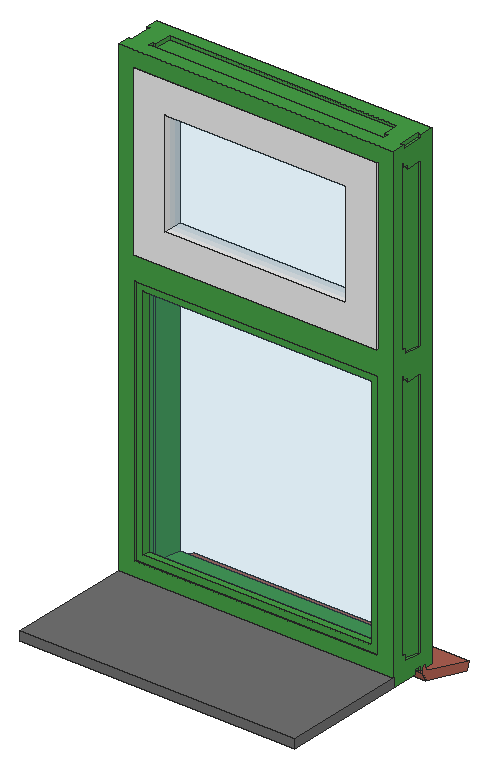
Revit family
Parameters (values of type "31 kozijn A2")
  spouwlatdiepte [instance] = 120 mm
  profiel min sponning = 46 mm
  overstek vensterbank [instance] = 25 mm
  negge = 75 mm
  materiaal vensterbank = Default vensterbank
  materiaal raamprofiel = Default raam
  materiaal raamdorpel = Default raamdorpel
  materiaal profiel = Default glasprofiel
  materiaal glas = Glass
  kalkgroefbreedte [instance] = 50 mm
  diktedraagmuur [instance] = 200 mm
  Materiaal kozijn = Default kozijn
  Height = 1400 mm
  Dikte binnen blad spouwlat [instance] = 100 mm
  Default Sill Height = 800 mm
  Wall Closure = (empty or 0)
  Width = 800 mm
  Assembly Code = ""
Reference planes
  plane 1: y = 0
  plane 2 "Center (Left/Right)": x = 0
  plane 3 "Left": x = -400
  plane 4 "Right": x = 400
  plane 5 "Sill": z = 800
  plane 6 "Head": z = 2200
  plane 7 "Exterior": y = 175
  plane 8 "Interior": y = -175
  plane 9 "Voorzijde kozijn": y = 100
  plane 10: x = -354
  plane 11: x = 354
  plane 12: z = 2154
  plane 13: z = 867
  plane 14 "voorzijde raam": y = 12
  plane 15 "Overstek venterbank": y = -400
  plane 16: z = 1667
  plane 17: z = 1598
  plane 18: y = -375
Forms (mm)
  Sweep 1, void
    path origin (0, 175, 0) x (1, 0, 0) y (0, 0, 1)
      loop
        line (400, 800) -> (-400, 800)
    profile origin (0, 175, 800) x (0, 0, -1) y (0, -1, 0)
      loop
        line (70, 0) -> (70, 125) -> (0, 125) -> (0, 550) -> (-1400, 550) -> (-1400, 0) -> (70, 0)
  Sweep 2, solid, material "Default kozijn" <- "Materiaal kozijn"
    path origin (0, 100, 0) x (-1, 0, 0) y (0, 0, 1)
      loop
        line (-400, 800) -> (-400, 2200)
    profile "31 stijl : 31 stijl" origin (400, 100, 1500) x (1, 0, 0) y (0, 1, 0)
      loop
        line (0, 0) -> (-67, 0) -> (-67, -88) -> (-57, -88) -> (-57, -103) -> (-46, -103) -> (-46, -139) -> (0, -139) -> (0, -109) -> (-9, -109) -> (-9, -39.1) -> (0, -39.1) -> (0, 0)
  Sweep 3, solid, material "Default kozijn" <- "Materiaal kozijn"
    path origin (0, 100, 0) x (-1, 0, 0) y (0, 0, 1)
      loop
        line (400, 2200) -> (400, 800)
    profile "31 stijl : 31 stijl" origin (-400, 100, 1500) x (-1, 0, 0) y (0, 1, 0)
      loop
        line (0, 0) -> (-67, 0) -> (-67, -88) -> (-57, -88) -> (-57, -103) -> (-46, -103) -> (-46, -139) -> (0, -139) -> (0, -109) -> (-9, -109) -> (-9, -39.1) -> (0, -39.1) -> (0, 0)
  Sweep 4, solid, material "Default kozijn" <- "Materiaal kozijn"
    path origin (0, 100, 0) x (-1, 0, 0) y (0, 0, 1)
      loop
        line (-400, 2200) -> (400, 2200)
    profile "31 bovendorpel : 31 bovendorpel" origin (0, 100, 2200) x (0, 0, 1) y (0, 1, 0)
      loop
        line (0, 0) -> (-67, 0) -> (-67, -88) -> (-57, -88) -> (-57, -103) -> (-46, -103) -> (-46, -139) -> (0, -139) -> (0, -103) -> (-9, -103) -> (-9, -39.1) -> (0, -39.1) -> (0, 0)
  Sweep 5, solid, material "Default kozijn" <- "Materiaal kozijn"
    path origin (0, 100, 0) x (-1, 0, 0) y (0, 0, 1)
      loop
        line (-400, 800) -> (400, 800)
    profile "31 onderdorpel : 31 onderdorpel" origin (0, 100, 800) x (0, 0, 1) y (0, 1, 0)
      loop
        line (0, 0) -> (0, -15) -> (12, -18) -> (12, -60) -> (0, -60) -> (0, -139) -> (67, -139) -> (67, -98) -> (53, -98) -> (39.2, 0) -> (0, 0)
  Sweep 6, solid, material "Default vensterbank" <- "materiaal vensterbank"
    path origin (-2113.863, 100, 1000) x (-1, 0, 0) y (0, 0, 1)
      loop
        line (-1713.863, -200) -> (-2513.863, -200)
    profile origin (0, 100, 800) x (0, 0, -1) y (0, 1, 0)
      loop
        line (0, -139) -> (-25, -139) -> (-25, -500) -> (0, -500) -> (0, -139)
  Sweep 7, solid, material "Default kozijn" <- "Materiaal kozijn"
    path origin (-2113.863, 100, 1000) x (-1, 0, 0) y (0, 0, 1)
      loop
        line (-2513.863, 667) -> (-1713.863, 667)
    profile "31 kalf : 31 kalf" origin (0, 100, 1667) x (0, 0, 1) y (0, 1, 0)
      loop
        line (-90, 0) -> (-90, -88) -> (-80, -88) -> (-80, -103) -> (-69, -103) -> (-69, -139) -> (0, -139) -> (0, -98) -> (-14, -98) -> (-27.8, 0) -> (-90, 0)
  Sweep 8, solid, material "Default kozijn" <- "Materiaal kozijn"
    path origin (0, 100, 0) x (-1, 0, 0) y (0, 0, 1)
      loop
        line (-354, 867) -> (354, 867) -> (354, 1598) -> (-354, 1598) -> (-354, 867)
    profile origin (354, 100, 1232.5) x (1, 0, 0) y (0, 1, 0)
      loop
        line (0, -116) -> (-21, -116) -> (-21, -136) -> (0, -136) -> (0, -116)
Cuts and joins
  joined: Sweep 2, Sweep 3, Sweep 4, Sweep 5, Sweep 7
Lines and regions (mm)
  symbolic lines, style "WindowsOpeningProjection", detail levels coarse
    curve 1: line (400, -175, 2200) -> (-400, -175, 800)
    curve 2: line (400, -175, 800) -> (-400, -175, 2200)
Text (mm)
  text "EXTERIOR" at (-1963.203, 1332.353, 0), in view "Ref. Level"
  text "INTERIOR" at (-1981.466, -818.386, 0), in view "Ref. Level"
  text "Exterior" at (0, 923.751, 2943.296), in view "Right"
  text "Exterior" at (0, 1040.484, 2685.409), in view "Left"
Dimensions and locks
  equal spacing: plane 3 "Left", plane 2 "Center (Left/Right)", plane 4 "Right"
  "Width": plane 3 "Left" to plane 4 "Right"
  "Height": plane 5 "Sill" to plane 6 "Head"
  "Default Sill Height": plane 5 "Sill" to level
  locked: plane 7 "Exterior" to host wall at 0
  locked: plane 8 "Interior" to host wall
  "negge": host wall to plane 9 "Voorzijde kozijn"
  locked: plane 9 "Voorzijde kozijn" to Sweep 1 sketch curve at 50
  locked: Sweep 1 sketch curve to Sweep 1 sketch curve at 70
  "profiel min sponning": plane 3 "Left" to plane 10
  "profiel min sponning": plane 11 to plane 4 "Right"
  "profiel min sponning": plane 6 "Head" to plane 12
  locked: plane 5 "Sill" to plane 13 at 67
  locked: plane 9 "Voorzijde kozijn" to plane 14 "voorzijde raam" at 88
  locked: plane 3 "Left" to nested 2 at 9
  "Dikte binnen blad spouwlat": host wall to nested 2
  locked: nested 3 to plane 4 "Right" at 9
  "Dikte binnen blad spouwlat": host wall to nested 3
  locked: plane 9 "Voorzijde kozijn" to nested 1 at 33.928
  locked: plane 5 "Sill" to nested 1 at 8.776
  locked: plane 16 to plane 17 at 69
  locked: plane 9 "Voorzijde kozijn" to nested 5 at 88
  "diktedraagmuur": plane 8 "Interior" to plane 18
  "overstek vensterbank": plane 18 to plane 15 "Overstek venterbank"
  aligned and locked: plane 4 "Right" to Sweep 1 sketch curve
  aligned and locked: plane 3 "Left" to Sweep 1 sketch curve
  aligned and locked: plane 5 "Sill" to Sweep 1 sketch curve
  aligned and locked: Sweep 1 sketch curve to host wall
  aligned and locked: plane 6 "Head" to Sweep 1 sketch curve
  aligned and locked: Sweep 1 sketch curve to plane 5 "Sill"
  aligned and locked: plane 6 "Head" to Sweep 2 sketch curve
  aligned and locked: plane 5 "Sill" to Sweep 2 sketch curve
  aligned and locked: plane 4 "Right" to Sweep 2 sketch curve
  aligned and locked: plane 6 "Head" to Sweep 3 sketch curve
  aligned and locked: plane 5 "Sill" to Sweep 3 sketch curve
  aligned and locked: Sweep 3 sketch curve to plane 3 "Left"
  aligned and locked: plane 4 "Right" to Sweep 4 sketch curve
  aligned and locked: plane 3 "Left" to Sweep 4 sketch curve
  aligned and locked: plane 6 "Head" to Sweep 4 sketch curve
  aligned and locked: plane 4 "Right" to Sweep 5 sketch curve
  aligned and locked: plane 3 "Left" to Sweep 5 sketch curve
  aligned and locked: plane 5 "Sill" to Sweep 5 sketch curve
  aligned and locked: plane 3 "Left" to Sweep 6 sketch curve
  aligned and locked: plane 5 "Sill" to Sweep 6 sketch curve
  aligned and locked: plane 15 "Overstek venterbank" to Sweep 6 sketch curve
  aligned and locked: Sweep 6 sketch curve to cut or joined group of Sweep 2, Sweep 3, Sweep 4, Sweep 5, Sweep 7
  aligned and locked: nested 1 to plane 4 "Right"
  aligned and locked: nested 1 to plane 3 "Left"
  aligned and locked: plane 10 to nested 4
  aligned and locked: plane 11 to nested 4
  aligned and locked: plane 14 "voorzijde raam" to nested 4
  aligned and locked: plane 4 "Right" to Sweep 7 sketch curve
  aligned and locked: plane 3 "Left" to Sweep 7 sketch curve
  aligned and locked: Sweep 7 sketch curve to plane 16
  aligned and locked: plane 10 to nested 5
  aligned and locked: nested 5 to plane 11
  aligned: plane 17 to nested 5
  aligned: plane 13 to nested 5
  aligned and locked: Sweep 8 sketch curve to plane 17
  aligned and locked: plane 11 to Sweep 8 sketch curve
  aligned and locked: Sweep 8 sketch curve to plane 10
  aligned and locked: plane 13 to Sweep 8 sketch curve
  aligned and locked: plane 16 to nested 4
  aligned and locked: plane 12 to nested 4
  aligned and locked: plane 13 to nested 5
  aligned and locked: plane 17 to nested 5
  aligned and locked: plane 18 to Sweep 1 sketch curve
Automatic sketch dimensions
  Sweep 6 sketch curve to plane 4 "Right" = 0 mm
  Sweep 6 sketch curve to profile plane = 0 mm
  profile plane to Sweep 6 sketch curve = 25 mm
  Sweep 8 sketch curve to profile plane = 0 mm
  profile plane to Sweep 8 sketch curve = 21 mm
  Sweep 8 sketch curve to plane 9 "Voorzijde kozijn" = 136 mm
  Sweep 8 sketch curve to Sweep 8 sketch curve = 20 mm
  plane 3 "Left" to curve 1 = 0 mm
  plane 3 "Left" to curve 2 = 0 mm
  plane 4 "Right" to curve 2 = 0 mm
  plane 4 "Right" to curve 1 = 0 mm
  curve 1 to plane 5 "Sill" = 0 mm
  curve 2 to plane 5 "Sill" = 0 mm
  curve 2 to plane 6 "Head" = 0 mm
  curve 1 to plane 6 "Head" = 0 mm
Nested families
  nested 1: "raamdorpel150" at (50, 90, 788.776) x (-1, 0, 0) z (0, 0, 1), type "raamdorpel150"
    with lengte 800 mm, diepte 150 mm, Raamdorpelhoek 15.00°
  nested 2: "31 spouwlat" at (-391, 45, 0), type "31 spouwlat"
  nested 3: "31 spouwlat" at (391, 45, 0) x (-1, 0, 0) z (0, 0, 1), type "31 spouwlat"
  nested 4: "31 raam binnen" at (-220, 3.816, 0), type "31 raam binnen"
    with hoogte 487 mm, breedte 708 mm, borstweringhoogte 160 mm
  nested 5: "31 glasdubbel" at (-55.695, 45.092, -800), type "31 glasdubbel"
    with hoogte 731 mm, breedte 708 mm
Definition of nested family "raamdorpel150"
  Parameters (values of type "raamdorpel150")
    materiaal raamdorpel = Default raamdorpel
    lengte [instance] = 800 mm
    diepte [instance] = 150 mm
    Width = 920 mm
    Rough Height = 920 mm
    Raamdorpelhoek [instance] = 15.00°
    Height = 920 mm
    Assembly Code = ""
  Reference planes
    plane 1 "Center (Front/Back)": y = 0
    plane 2: z = 0
    plane 3 "Center (Left/Right)": x = 50
    plane 4: x = -350
    plane 5: x = 450
  Forms (mm)
    Extrusion 1, solid, material "Default raamdorpel" <- "materiaal raamdorpel"
      sketch origin (50, 0, 0) x (0, 0.965926, 0.258819) y (0, -0.258819, 0.965926)
        loop
          line (-150, -25) -> (6.506, -25) -> (23.501, -4.747) -> (28.29, 13.125) -> (18.63, 15.714) -> (17.955, 13.193)
          arc (17.955, 13.193) -> (11.14, 3.653) -> (0, 0) r 18.814
          line (0, 0) -> (-150, 0) -> (-150, -25)
      from -400 to 400
  Lines and regions (mm)
    reference lines
      curve 1: line (50, 0, 0) -> (50, 656.83, 175.997)
      curve 2: line (50, 0, 0) -> (50, -138.468, 516.77)
      curve 3: line (50, -138.418, -62.971) -> (50, -283.357, 477.947)
  Dimensions and locks
    equal spacing: plane 4, plane 3 "Center (Left/Right)", plane 5
    "lengte": plane 4 to plane 5
    "diepte": curve 2 to curve 3
    "Raamdorpelhoek": angle plane 2 to curve 1
    locked: curve 1 to curve 2 (angle 90.00°)
    locked: curve 1 to curve 3 (angle 90.00°)
    aligned and locked: Extrusion 1 to curve 3
    aligned and locked: plane 4 to Extrusion 1
    aligned and locked: Extrusion 1 to plane 5
  Automatic sketch dimensions
    Extrusion 1 sketch curve to curve 1 = 0 mm  (x2)
    curve 1 to Extrusion 1 sketch curve = 18.814 mm
    curve 1 to Extrusion 1 sketch curve = 25 mm
    Extrusion 1 sketch curve to curve 1 = 150 mm
    curve 1 to Extrusion 1 sketch curve = 6.506 mm
    Extrusion 1 sketch curve to curve 1 = 13.193 mm
    Extrusion 1 sketch curve to Extrusion 1 sketch curve = 0.676 mm
    curve 1 to Extrusion 1 sketch curve = 4.747 mm
    Extrusion 1 sketch curve to Extrusion 1 sketch curve = 5.546 mm
    Extrusion 1 sketch curve to curve 1 = 13.125 mm
    curve 1 to level = 0 mm
    curve 1 to plane 1 "Center (Front/Back)" = 0 mm
    curve 2 to curve 1 = 0 mm  (x2)
    curve 1 to curve 3 = 25 mm
Definition of nested family "31 raam binnen"
  Parameters (values of type "31 raam binnen")
    sponningmaat = 72 mm
    raamprofiel = Default raam
    hoogte [instance] = 1000 mm
    glas = Glass
    dikte = 54 mm
    breedte [instance] = 800 mm
    borstweringhoogte [instance] = 160 mm
    Sponingmaat_plattegrond = 15 mm
    Assembly Code = ""
  Reference planes
    plane 1 "Center (Front/Back)": y = -18.816
    plane 2 "onder": z = 1667
    plane 3 "Center (Left/Right)": x = 220
    plane 4 "boven": z = 2667
    plane 5 "links": x = -180
    plane 6 "rechts": x = 620
    plane 7 "midden": z = 2167
    plane 8 "achter": y = 8.184
    plane 9 "voor": y = -45.816
    plane 10: x = 548
    plane 11: x = -108
    plane 12: z = 2595
    plane 13: z = 1739
    plane 14: y = -30.816
  Forms (mm)
    Sweep 1, solid, material "Default raam" <- "raamprofiel", detail levels medium+fine
      path origin (-582.408, 8.184, 1560) x (-1, 0, 0) y (0, 0, 1)
        loop
          line (-402.408, 107) -> (-402.408, 1107) -> (-1202.408, 1107) -> (-1202.408, 107) -> (-402.408, 107)
      profile "31 raam stijl : 31 raam stijl" origin (-180, 8.184, 2167) x (1, 0, 0) y (0, 1, 0)
        loop
          line (0, -17) -> (0, -54) -> (90, -54) -> (90, 0) -> (12, 0) -> (12, -17) -> (0, -17)
  Dimensions and locks
    equal spacing: plane 5 "links", plane 3 "Center (Left/Right)", plane 6 "rechts"
    "breedte": plane 5 "links" to plane 6 "rechts"
    "hoogte": plane 4 "boven" to plane 2 "onder"
    equal spacing: plane 4 "boven", plane 7 "midden", plane 2 "onder"
    equal spacing: plane 8 "achter", plane 1 "Center (Front/Back)", plane 9 "voor"
    "dikte": plane 8 "achter" to plane 9 "voor"
    "sponningmaat": plane 12 to plane 4 "boven"
    "sponningmaat": plane 2 "onder" to plane 13
    "sponningmaat": plane 10 to plane 6 "rechts"
    "sponningmaat": plane 11 to plane 5 "links"
    "Sponingmaat_plattegrond": plane 14 to plane 9 "voor"
    plane 2 "onder" to level = 1667 mm
    aligned and locked: plane 8 "achter" to nested 1
    aligned and locked: plane 9 "voor" to nested 1
    aligned and locked: plane 5 "links" to nested 1
    aligned and locked: plane 6 "rechts" to nested 1
    aligned and locked: plane 4 "boven" to nested 1
    aligned and locked: plane 2 "onder" to nested 1
    aligned and locked: Sweep 1 sketch curve to plane 4 "boven"
    aligned and locked: plane 2 "onder" to Sweep 1 sketch curve
    aligned and locked: Sweep 1 sketch curve to plane 5 "links"
    aligned and locked: Sweep 1 sketch curve to plane 6 "rechts"
    aligned and locked: nested 2 to plane 11
    aligned and locked: plane 10 to nested 2
    aligned and locked: plane 14 to nested 2
    aligned and locked: plane 12 to nested 2
    aligned and locked: plane 13 to nested 2
  Nested families
    nested 1: "31 raam draairichting binnen" at (0, 0, 1547), type "31 raam draairichting binnen"
      with hoogte 1000 mm, draaizijde rechts no, draaizijde onder no, draaizijde links yes, draaizijde boven no, dikte 54 mm, breedte 800 mm, borstweringhoogte 160 mm
    nested 2: "31 glasdubbel" at (164.305, 30.276, 72), type "31 glasdubbel"
      with hoogte 856 mm, breedte 656 mm
  Definition of nested family "31 glasdubbel"
    Parameters (values of type "31 glasdubbel")
      plaatsingsmarge = 3 mm
      materiaal glas = Glass
      hoogte [instance] = 920 mm
      glasdikte voorzijde = 8 mm
      glasdikte achterzijde = 5 mm
      dikte = 22 mm
      breedte [instance] = 1000 mm
      Width = 1000 mm
      Rough Height = 156.4 mm
      Height = 920 mm
      Assembly Code = ""
    Reference planes
      plane 1 "Center (Front/Back)": y = -47.092
      plane 2: z = 0
      plane 3 "Center (Left/Right)": x = 55.695
      plane 4 "onderzijde glas": z = 1670
      plane 5 "Bovenzijde glas": z = 2584
      plane 6 "rechterzijde glas": x = 552.695
      plane 7 "Linkerzijdeglas": x = -441.305
      plane 8 "Voorzijde glas": y = -58.092
      plane 9 "Achterzijde glas": y = -36.092
      plane 10 "links": x = -444.305
      plane 11 "rechts": x = 555.695
      plane 12 "achter": y = -33.092
      plane 13 "voorzijde": y = -61.092
      plane 14 "bovenzijde": z = 2587
      plane 15 "onderzijde": z = 1667
    Forms (mm)
      Extrusion 1, solid, material "Glass" <- "materiaal glas", detail levels fine
        sketch origin (0, 0, 1670) x (1, 0, 0) y (0, 1, 0)
          loop
            line (-441.305, -58.092) -> (552.695, -58.092) -> (552.695, -50.092) -> (-441.305, -50.092) -> (-441.305, -58.092)
        from 0 to 914
      Extrusion 2, solid, material "Glass" <- "materiaal glas", detail levels fine
        sketch origin (0, 280, 1670) x (1, 0, 0) y (0, 1, 0)
          loop
            line (-441.305, -321.092) -> (552.695, -321.092) -> (552.695, -316.092) -> (-441.305, -316.092) -> (-441.305, -321.092)
        from 0 to 914
      Extrusion 3, solid, material "Glass" <- "materiaal glas", detail levels coarse+medium
        sketch origin (0, -425.801, 1670) x (1, 0, 0) y (0, 1, 0)
          loop
            line (-441.305, 367.71) -> (552.695, 367.71) -> (552.695, 389.71) -> (-441.305, 389.71) -> (-441.305, 367.71)
        from 0 to 914
    Lines and regions (mm)
      symbolic lines, detail levels medium
        curve 1: line (-441.305, -47.092, 0) -> (-441.305, -36.092, 0)
        curve 2: line (552.695, -36.092, 0) -> (552.695, -47.092, 0)
      symbolic lines, detail levels coarse
        curve 3: line (552.695, -47.092, 0) -> (-441.305, -47.092, 0)
      symbolic lines, detail levels fine
        curve 4: line (-441.305, -50.092, 0) -> (-441.305, -41.092, 0)
        curve 5: line (-429.305, -50.092, 0) -> (-429.305, -41.092, 0)
        curve 6: line (552.695, -47.092, 0) -> (552.695, -36.092, 0)
        curve 7: line (540.695, -50.092, 0) -> (540.695, -41.092, 0)
      symbolic lines, style "WindowsGlassProjection", detail levels coarse+medium
        curve 8: line (-441.305, -47.092, 1670) -> (-441.305, -47.092, 2584)
        curve 9: line (-441.305, -47.092, 2584) -> (552.695, -47.092, 2584)
        curve 10: line (552.695, -47.092, 2584) -> (552.695, -47.092, 1670)
        curve 11: line (552.695, -47.092, 1670) -> (-441.305, -47.092, 1670)
      symbolic lines, detail levels coarse+medium
        curve 12: line (55.695, -36.092, 1670) -> (55.695, -36.092, 2584)
        curve 13: line (55.695, -36.092, 2584) -> (55.695, -58.092, 2584)
        curve 14: line (55.695, -58.092, 2584) -> (55.695, -58.092, 1670)
        curve 15: line (55.695, -58.092, 1670) -> (55.695, -36.092, 1670)
    Dimensions and locks
      equal spacing: plane 7 "Linkerzijdeglas", plane 3 "Center (Left/Right)", plane 6 "rechterzijde glas"
      equal spacing: plane 9 "Achterzijde glas", plane 1 "Center (Front/Back)", plane 8 "Voorzijde glas"
      "dikte": plane 9 "Achterzijde glas" to plane 8 "Voorzijde glas"
      "glasdikte voorzijde": Extrusion 1 sketch curve to Extrusion 1 sketch curve
      "plaatsingsmarge": plane 12 "achter" to plane 9 "Achterzijde glas"
      "plaatsingsmarge": plane 10 "links" to plane 7 "Linkerzijdeglas"
      "plaatsingsmarge": plane 6 "rechterzijde glas" to plane 11 "rechts"
      "plaatsingsmarge": plane 8 "Voorzijde glas" to plane 13 "voorzijde"
      "glasdikte achterzijde": Extrusion 2 sketch curve to Extrusion 2 sketch curve
      "plaatsingsmarge": plane 15 "onderzijde" to plane 4 "onderzijde glas"
      "plaatsingsmarge": plane 5 "Bovenzijde glas" to plane 14 "bovenzijde"
      plane 7 "Linkerzijdeglas" to curve 5 = 12 mm
      curve 7 to plane 6 "rechterzijde glas" = 12 mm
      "hoogte": plane 14 "bovenzijde" to plane 15 "onderzijde"
      "breedte": plane 10 "links" to plane 11 "rechts"
      level to plane 15 "onderzijde" = 1667 mm
      aligned and locked: Extrusion 1 to plane 8 "Voorzijde glas"
      aligned and locked: plane 7 "Linkerzijdeglas" to Extrusion 1
      aligned and locked: Extrusion 1 to plane 6 "rechterzijde glas"
      aligned and locked: plane 5 "Bovenzijde glas" to Extrusion 1
      aligned and locked: Extrusion 1 to plane 4 "onderzijde glas"
      aligned and locked: curve 1 to plane 7 "Linkerzijdeglas"
      aligned and locked: plane 6 "rechterzijde glas" to curve 2
      aligned and locked: plane 9 "Achterzijde glas" to Extrusion 2
      aligned and locked: plane 5 "Bovenzijde glas" to Extrusion 2
      aligned and locked: Extrusion 2 to plane 4 "onderzijde glas"
      aligned and locked: Extrusion 2 to plane 6 "rechterzijde glas"
      aligned and locked: plane 7 "Linkerzijdeglas" to Extrusion 2
      aligned and locked: curve 4 to Extrusion 2
      aligned and locked: Extrusion 1 to curve 4
      aligned and locked: curve 4 to plane 7 "Linkerzijdeglas"
      aligned and locked: Extrusion 2 to curve 5
      aligned and locked: Extrusion 1 to curve 5
      aligned and locked: plane 9 "Achterzijde glas" to curve 6
      aligned and locked: curve 6 to plane 6 "rechterzijde glas"
      aligned and locked: Extrusion 2 to curve 7
      aligned and locked: Extrusion 1 to curve 7
      aligned and locked: curve 8 to plane 7 "Linkerzijdeglas"
      aligned and locked: plane 4 "onderzijde glas" to curve 11
      aligned and locked: curve 10 to plane 6 "rechterzijde glas"
      aligned and locked: curve 9 to plane 5 "Bovenzijde glas"
      aligned and locked: curve 13 to plane 5 "Bovenzijde glas"
      aligned and locked: plane 4 "onderzijde glas" to curve 15
      aligned and locked: curve 12 to plane 9 "Achterzijde glas"
      aligned and locked: curve 14 to plane 8 "Voorzijde glas"
      aligned and locked: curve 3 to plane 1 "Center (Front/Back)"
      aligned and locked: plane 7 "Linkerzijdeglas" to Extrusion 3
      aligned and locked: Extrusion 3 to plane 6 "rechterzijde glas"
      aligned and locked: Extrusion 3 to plane 4 "onderzijde glas"
      aligned and locked: plane 5 "Bovenzijde glas" to Extrusion 3
      aligned and locked: plane 9 "Achterzijde glas" to Extrusion 3
      aligned and locked: Extrusion 3 to plane 8 "Voorzijde glas"
    Automatic sketch dimensions
      curve 1 to plane 9 "Achterzijde glas" = 0 mm
      Extrusion 1 sketch curve to plane 7 "Linkerzijdeglas" = 0 mm
      Extrusion 1 sketch curve to plane 6 "rechterzijde glas" = 0 mm
      Extrusion 1 sketch curve to plane 8 "Voorzijde glas" = 0 mm
      Extrusion 2 sketch curve to plane 7 "Linkerzijdeglas" = 0 mm
      Extrusion 2 sketch curve to plane 6 "rechterzijde glas" = 0 mm
      Extrusion 2 sketch curve to plane 9 "Achterzijde glas" = 0 mm
      Extrusion 3 sketch curve to plane 7 "Linkerzijdeglas" = 0 mm
      Extrusion 3 sketch curve to plane 6 "rechterzijde glas" = 0 mm
      plane 13 "voorzijde" to Extrusion 3 sketch curve = 3 mm
      Extrusion 3 sketch curve to Extrusion 3 sketch curve = 22 mm
  Definition of nested family "31 raam draairichting binnen"
    Parameters (values of type "31 raam draairichting binnen")
      hoogte [instance] = 1000 mm
      draaizijde rechts [instance] = yes
      draaizijde onder [instance] = no
      draaizijde links [instance] = no
      draaizijde boven [instance] = no
      dikte [instance] = 250 mm
      breedte [instance] = 800 mm
      borstweringhoogte [instance] = 160 mm
      Assembly Code = ""
    Reference planes
      plane 1 "Center (Front/Back)": y = -18.816
      plane 2 "onder": z = 120
      plane 3 "Center (Left/Right)": x = 220
      plane 4 "boven": z = 1120
      plane 5 "links": x = -180
      plane 6 "rechts": x = 620
      plane 7 "midden": z = 620
      plane 8 "achter": y = 106.184
      plane 9 "voor": y = -143.816
    Lines and regions (mm)
      Masking region 1, detail levels coarse
        outline origin (0, 0, 620) x (-1, 0, 0) y (0, -1, 0)
          loop
            line (180, 143.816) -> (-620, 143.816) -> (-620, -106.184) -> (180, -106.184) -> (180, 143.816)
      symbolic lines, style "WindowsFrameMullionProjection", detail levels coarse
        curve 1: line (-180, -143.816, 620) -> (-180, 106.184, 620)
        curve 2: line (-180, 106.184, 620) -> (620, 106.184, 620)
        curve 3: line (620, 106.184, 620) -> (620, -143.816, 620)
        curve 4: line (620, -143.816, 620) -> (-180, -143.816, 620)
      model lines, style "draairichting streeplijn", visible <- "draaizijde rechts", detail levels medium+fine
        curve 5: line (620, 106.184, 1120) -> (-180, 106.184, 620)
        curve 6: line (-180, 106.184, 620) -> (620, 106.184, 120)
      model lines, style "draairichting streeplijn", visible <- "draaizijde links", detail levels medium+fine
        curve 7: line (-180, 106.184, 1120) -> (620, 106.184, 620)
        curve 8: line (620, 106.184, 620) -> (-180, 106.184, 120)
      model lines, style "draairichting streeplijn", visible <- "draaizijde onder", detail levels medium+fine
        curve 9: line (620, 106.184, 120) -> (220, 106.184, 1120)
        curve 10: line (220, 106.184, 1120) -> (-180, 106.184, 120)
      model lines, style "draairichting streeplijn", visible <- "draaizijde boven", detail levels medium+fine
        curve 11: line (-180, 106.184, 1120) -> (220, 106.184, 120)
        curve 12: line (220, 106.184, 120) -> (620, 106.184, 1120)
      model lines, style "draairichting getrokken lijn", visible <- "draaizijde links", detail levels medium+fine
        curve 13: line (-180, -143.816, 1120) -> (620, -143.816, 620)
        curve 14: line (620, -143.816, 620) -> (-180, -143.816, 120)
      model lines, style "draairichting getrokken lijn", visible <- "draaizijde rechts", detail levels medium+fine
        curve 15: line (620, -143.816, 1120) -> (-180, -143.816, 620)
        curve 20: line (-180, -143.816, 620) -> (620, -143.816, 120)
      model lines, style "draairichting getrokken lijn", visible <- "draaizijde onder", detail levels medium+fine
        curve 16: line (-180, -143.816, 120) -> (220, -143.816, 1120)
        curve 17: line (220, -143.816, 1120) -> (620, -143.816, 120)
      model lines, style "draairichting getrokken lijn", visible <- "draaizijde boven", detail levels medium+fine
        curve 18: line (-180, -143.816, 1120) -> (220, -143.816, 120)
        curve 19: line (220, -143.816, 120) -> (620, -143.816, 1120)
    Dimensions and locks
      equal spacing: plane 5 "links", plane 3 "Center (Left/Right)", plane 6 "rechts"
      "breedte": plane 5 "links" to plane 6 "rechts"
      "hoogte": plane 4 "boven" to plane 2 "onder"
      equal spacing: plane 4 "boven", plane 7 "midden", plane 2 "onder"
      equal spacing: plane 8 "achter", plane 1 "Center (Front/Back)", plane 9 "voor"
      "dikte": plane 8 "achter" to plane 9 "voor"
      aligned and locked: Masking region 1 sketch curve to plane 8 "achter"
      aligned and locked: plane 9 "voor" to Masking region 1 sketch curve
      aligned and locked: plane 6 "rechts" to Masking region 1 sketch curve
      aligned and locked: Masking region 1 sketch curve to plane 5 "links"
      aligned and locked: curve 2 to plane 8 "achter"
      aligned and locked: plane 9 "voor" to curve 4
      aligned and locked: curve 1 to plane 5 "links"
      aligned and locked: plane 6 "rechts" to curve 3
    Automatic sketch dimensions
      curve 14 to plane 6 "rechts" = 0 mm
      curve 15 to plane 4 "boven" = 0 mm
      curve 15 to plane 6 "rechts" = 0 mm
      curve 17 to plane 2 "onder" = 0 mm
      curve 17 to plane 6 "rechts" = 0 mm
      curve 17 to plane 3 "Center (Left/Right)" = 0 mm
      curve 19 to plane 3 "Center (Left/Right)" = 0 mm
      curve 18 to plane 2 "onder" = 0 mm
      curve 16 to plane 2 "onder" = 0 mm
      curve 15 to plane 5 "links" = 0 mm
      curve 14 to plane 5 "links" = 0 mm
      curve 13 to plane 4 "boven" = 0 mm
      curve 18 to plane 5 "links" = 0 mm
      curve 13 to plane 7 "midden" = 0 mm
      curve 15 to plane 7 "midden" = 0 mm
      curve 17 to plane 4 "boven" = 0 mm
      curve 5 to plane 6 "rechts" = 0 mm
      curve 9 to plane 2 "onder" = 0 mm
      curve 9 to plane 6 "rechts" = 0 mm
      curve 7 to plane 6 "rechts" = 0 mm
      curve 12 to plane 4 "boven" = 0 mm
      curve 12 to plane 2 "onder" = 0 mm
      curve 12 to plane 3 "Center (Left/Right)" = 0 mm
      curve 10 to plane 3 "Center (Left/Right)" = 0 mm
      curve 10 to plane 5 "links" = 0 mm
      curve 8 to plane 2 "onder" = 0 mm
      curve 6 to plane 5 "links" = 0 mm
      curve 7 to plane 4 "boven" = 0 mm
      curve 7 to plane 5 "links" = 0 mm
      curve 5 to plane 7 "midden" = 0 mm
      curve 7 to plane 7 "midden" = 0 mm
      curve 9 to plane 4 "boven" = 0 mm
Definition of nested family "31 glasdubbel"
  Parameters (values of type "31 glasdubbel")
    plaatsingsmarge = 3 mm
    materiaal glas = Glass
    hoogte [instance] = 920 mm
    glasdikte voorzijde = 8 mm
    glasdikte achterzijde = 5 mm
    dikte = 22 mm
    breedte [instance] = 1000 mm
    Width = 1000 mm
    Rough Height = 156.4 mm
    Height = 920 mm
    Assembly Code = ""
  Reference planes
    plane 1 "Center (Front/Back)": y = -47.092
    plane 2: z = 0
    plane 3 "Center (Left/Right)": x = 55.695
    plane 4 "onderzijde glas": z = 1670
    plane 5 "Bovenzijde glas": z = 2584
    plane 6 "rechterzijde glas": x = 552.695
    plane 7 "Linkerzijdeglas": x = -441.305
    plane 8 "Voorzijde glas": y = -58.092
    plane 9 "Achterzijde glas": y = -36.092
    plane 10 "links": x = -444.305
    plane 11 "rechts": x = 555.695
    plane 12 "achter": y = -33.092
    plane 13 "voorzijde": y = -61.092
    plane 14 "bovenzijde": z = 2587
    plane 15 "onderzijde": z = 1667
  Forms (mm)
    Extrusion 1, solid, material "Glass" <- "materiaal glas", detail levels fine
      sketch origin (0, 0, 1670) x (1, 0, 0) y (0, 1, 0)
        loop
          line (-441.305, -58.092) -> (552.695, -58.092) -> (552.695, -50.092) -> (-441.305, -50.092) -> (-441.305, -58.092)
      from 0 to 914
    Extrusion 2, solid, material "Glass" <- "materiaal glas", detail levels fine
      sketch origin (0, 280, 1670) x (1, 0, 0) y (0, 1, 0)
        loop
          line (-441.305, -321.092) -> (552.695, -321.092) -> (552.695, -316.092) -> (-441.305, -316.092) -> (-441.305, -321.092)
      from 0 to 914
    Extrusion 3, solid, material "Glass" <- "materiaal glas", detail levels coarse+medium
      sketch origin (0, -425.801, 1670) x (1, 0, 0) y (0, 1, 0)
        loop
          line (-441.305, 367.71) -> (552.695, 367.71) -> (552.695, 389.71) -> (-441.305, 389.71) -> (-441.305, 367.71)
      from 0 to 914
  Lines and regions (mm)
    symbolic lines, detail levels medium
      curve 1: line (-441.305, -47.092, 0) -> (-441.305, -36.092, 0)
      curve 2: line (552.695, -36.092, 0) -> (552.695, -47.092, 0)
    symbolic lines, detail levels coarse
      curve 3: line (552.695, -47.092, 0) -> (-441.305, -47.092, 0)
    symbolic lines, detail levels fine
      curve 4: line (-441.305, -50.092, 0) -> (-441.305, -41.092, 0)
      curve 5: line (-429.305, -50.092, 0) -> (-429.305, -41.092, 0)
      curve 6: line (552.695, -47.092, 0) -> (552.695, -36.092, 0)
      curve 7: line (540.695, -50.092, 0) -> (540.695, -41.092, 0)
    symbolic lines, style "WindowsGlassProjection", detail levels coarse+medium
      curve 8: line (-441.305, -47.092, 1670) -> (-441.305, -47.092, 2584)
      curve 9: line (-441.305, -47.092, 2584) -> (552.695, -47.092, 2584)
      curve 10: line (552.695, -47.092, 2584) -> (552.695, -47.092, 1670)
      curve 11: line (552.695, -47.092, 1670) -> (-441.305, -47.092, 1670)
    symbolic lines, detail levels coarse+medium
      curve 12: line (55.695, -36.092, 1670) -> (55.695, -36.092, 2584)
      curve 13: line (55.695, -36.092, 2584) -> (55.695, -58.092, 2584)
      curve 14: line (55.695, -58.092, 2584) -> (55.695, -58.092, 1670)
      curve 15: line (55.695, -58.092, 1670) -> (55.695, -36.092, 1670)
  Dimensions and locks
    equal spacing: plane 7 "Linkerzijdeglas", plane 3 "Center (Left/Right)", plane 6 "rechterzijde glas"
    equal spacing: plane 9 "Achterzijde glas", plane 1 "Center (Front/Back)", plane 8 "Voorzijde glas"
    "dikte": plane 9 "Achterzijde glas" to plane 8 "Voorzijde glas"
    "glasdikte voorzijde": Extrusion 1 sketch curve to Extrusion 1 sketch curve
    "plaatsingsmarge": plane 12 "achter" to plane 9 "Achterzijde glas"
    "plaatsingsmarge": plane 10 "links" to plane 7 "Linkerzijdeglas"
    "plaatsingsmarge": plane 6 "rechterzijde glas" to plane 11 "rechts"
    "plaatsingsmarge": plane 8 "Voorzijde glas" to plane 13 "voorzijde"
    "glasdikte achterzijde": Extrusion 2 sketch curve to Extrusion 2 sketch curve
    "plaatsingsmarge": plane 15 "onderzijde" to plane 4 "onderzijde glas"
    "plaatsingsmarge": plane 5 "Bovenzijde glas" to plane 14 "bovenzijde"
    plane 7 "Linkerzijdeglas" to curve 5 = 12 mm
    curve 7 to plane 6 "rechterzijde glas" = 12 mm
    "hoogte": plane 14 "bovenzijde" to plane 15 "onderzijde"
    "breedte": plane 10 "links" to plane 11 "rechts"
    level to plane 15 "onderzijde" = 1667 mm
    aligned and locked: Extrusion 1 to plane 8 "Voorzijde glas"
    aligned and locked: plane 7 "Linkerzijdeglas" to Extrusion 1
    aligned and locked: Extrusion 1 to plane 6 "rechterzijde glas"
    aligned and locked: plane 5 "Bovenzijde glas" to Extrusion 1
    aligned and locked: Extrusion 1 to plane 4 "onderzijde glas"
    aligned and locked: curve 1 to plane 7 "Linkerzijdeglas"
    aligned and locked: plane 6 "rechterzijde glas" to curve 2
    aligned and locked: plane 9 "Achterzijde glas" to Extrusion 2
    aligned and locked: plane 5 "Bovenzijde glas" to Extrusion 2
    aligned and locked: Extrusion 2 to plane 4 "onderzijde glas"
    aligned and locked: Extrusion 2 to plane 6 "rechterzijde glas"
    aligned and locked: plane 7 "Linkerzijdeglas" to Extrusion 2
    aligned and locked: curve 4 to Extrusion 2
    aligned and locked: Extrusion 1 to curve 4
    aligned and locked: curve 4 to plane 7 "Linkerzijdeglas"
    aligned and locked: Extrusion 2 to curve 5
    aligned and locked: Extrusion 1 to curve 5
    aligned and locked: plane 9 "Achterzijde glas" to curve 6
    aligned and locked: curve 6 to plane 6 "rechterzijde glas"
    aligned and locked: Extrusion 2 to curve 7
    aligned and locked: Extrusion 1 to curve 7
    aligned and locked: curve 8 to plane 7 "Linkerzijdeglas"
    aligned and locked: plane 4 "onderzijde glas" to curve 11
    aligned and locked: curve 10 to plane 6 "rechterzijde glas"
    aligned and locked: curve 9 to plane 5 "Bovenzijde glas"
    aligned and locked: curve 13 to plane 5 "Bovenzijde glas"
    aligned and locked: plane 4 "onderzijde glas" to curve 15
    aligned and locked: curve 12 to plane 9 "Achterzijde glas"
    aligned and locked: curve 14 to plane 8 "Voorzijde glas"
    aligned and locked: curve 3 to plane 1 "Center (Front/Back)"
    aligned and locked: plane 7 "Linkerzijdeglas" to Extrusion 3
    aligned and locked: Extrusion 3 to plane 6 "rechterzijde glas"
    aligned and locked: Extrusion 3 to plane 4 "onderzijde glas"
    aligned and locked: plane 5 "Bovenzijde glas" to Extrusion 3
    aligned and locked: plane 9 "Achterzijde glas" to Extrusion 3
    aligned and locked: Extrusion 3 to plane 8 "Voorzijde glas"
  Automatic sketch dimensions
    curve 1 to plane 9 "Achterzijde glas" = 0 mm
    Extrusion 1 sketch curve to plane 7 "Linkerzijdeglas" = 0 mm
    Extrusion 1 sketch curve to plane 6 "rechterzijde glas" = 0 mm
    Extrusion 1 sketch curve to plane 8 "Voorzijde glas" = 0 mm
    Extrusion 2 sketch curve to plane 7 "Linkerzijdeglas" = 0 mm
    Extrusion 2 sketch curve to plane 6 "rechterzijde glas" = 0 mm
    Extrusion 2 sketch curve to plane 9 "Achterzijde glas" = 0 mm
    Extrusion 3 sketch curve to plane 7 "Linkerzijdeglas" = 0 mm
    Extrusion 3 sketch curve to plane 6 "rechterzijde glas" = 0 mm
    plane 13 "voorzijde" to Extrusion 3 sketch curve = 3 mm
    Extrusion 3 sketch curve to Extrusion 3 sketch curve = 22 mm
Definition of nested family "31 spouwlat"
  Parameters
    kalkgroefdiepte = 9 mm
    kalkgoefbreedte = 50 mm
    diepte = 120 mm
    breedte = 50 mm
  Reference planes
    plane 1 "Center (Front/Back)": y = 0
    plane 2: z = 0
    plane 3 "Center (Left/Right)": x = 0
    plane 4: y = -120
    plane 5: x = -50
    plane 6: x = -9
    plane 7: y = -50
  Lines and regions (mm)
    Filled region 1, type "Wood - Finish", in view "Ref. Level", detail levels medium+fine
      outline origin (0, 0, 0) x (1, 0, 0) y (0, 1, 0)
        loop
          line (-9, -50) -> (0, -50) -> (0, 0) -> (-50, 0) -> (-50, -120) -> (-9, -120) -> (-9, -50)
  Dimensions and locks
    "diepte": plane 1 "Center (Front/Back)" to plane 4
    "breedte": plane 5 to plane 3 "Center (Left/Right)"
    "kalkgroefdiepte": plane 6 to plane 3 "Center (Left/Right)"
    "kalkgoefbreedte": plane 1 "Center (Front/Back)" to plane 7
    aligned and locked: Filled region 1 to plane 4
    aligned and locked: Filled region 1 to plane 5
    aligned and locked: Filled region 1 to plane 1 "Center (Front/Back)"
    aligned and locked: plane 3 "Center (Left/Right)" to Filled region 1
    aligned and locked: Filled region 1 to plane 7
    aligned and locked: Filled region 1 to plane 6
  Automatic sketch dimensions
    Filled region 1 sketch curve to plane 5 = 0 mm
    Filled region 1 sketch curve to plane 3 "Center (Left/Right)" = 9 mm
    Filled region 1 sketch curve to plane 4 = 0 mm
    plane 3 "Center (Left/Right)" to Filled region 1 sketch curve = 0 mm
    plane 1 "Center (Front/Back)" to Filled region 1 sketch curve = 50 mm
    Filled region 1 sketch curve to plane 1 "Center (Front/Back)" = 0 mm
